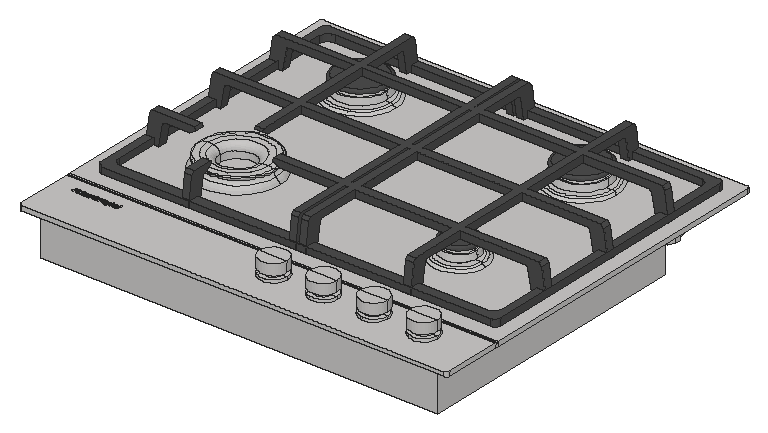
Revit family "CG604DX1 COOKTOP", category Generic Models, Revit 2013 (continued)
Automatic sketch dimensions
  Extrusion 3 sketch curve to Extrusion 3 sketch curve = 2.954 mm
  Extrusion 3 sketch curve to Extrusion 3 sketch curve = 1.935 mm
  Extrusion 3 sketch curve to Extrusion 3 sketch curve = 8.000 mm
  Extrusion 3 sketch curve to Extrusion 3 sketch curve = 1.148 mm
  Extrusion 3 sketch curve to Extrusion 3 sketch curve = 2.479 mm
  Extrusion 3 sketch curve to Extrusion 3 sketch curve = 7.528 mm
  Extrusion 3 sketch curve to Extrusion 3 sketch curve = 5.717 mm
  Extrusion 3 sketch curve to Extrusion 3 sketch curve = 4.283 mm
  Revolve 8 sketch curve to plane 10 = 0.000 mm
  Revolve 8 sketch curve to plane 3 "Center (Left/Right)" = 4.546 mm
  plane 16 to Revolve 8 sketch curve = 2.950 mm
  Revolve 8 sketch curve to plane 3 "Center (Left/Right)" = 4.134 mm
  Revolve 8 sketch curve to Revolve 8 sketch curve = 0.462 mm
  plane 3 "Center (Left/Right)" to Revolve 8 sketch curve = 3.158 mm
  Revolve 8 sketch curve to Revolve 8 sketch curve = 11.757 mm
  Revolve 8 sketch curve to Revolve 8 sketch curve = 0.000 mm  (x2)
  Revolve 8 sketch curve to plane 16 = 3.050 mm
  Revolve 8 sketch curve to Revolve 8 sketch curve = 14.100 mm
  Revolve 8 sketch curve to Revolve 8 sketch curve = 3.539 mm
  Revolve 9 sketch curve to plane 10 = 0.000 mm
  plane 3 "Center (Left/Right)" to Revolve 9 sketch curve = 65.454 mm
  plane 16 to Revolve 9 sketch curve = 2.950 mm
  Revolve 9 sketch curve to plane 16 = 3.050 mm
  Revolve 9 sketch curve to Revolve 9 sketch curve = 0.412 mm
  Revolve 9 sketch curve to Revolve 9 sketch curve = 0.462 mm
  Revolve 9 sketch curve to Revolve 9 sketch curve = 7.241 mm
  Revolve 9 sketch curve to Revolve 9 sketch curve = 11.757 mm
  Revolve 9 sketch curve to Revolve 9 sketch curve = 0.000 mm  (x2)
  Revolve 9 sketch curve to Revolve 9 sketch curve = 14.100 mm
  Revolve 9 sketch curve to Revolve 9 sketch curve = 3.539 mm
  Revolve 10 sketch curve to plane 10 = 0.000 mm
  plane 3 "Center (Left/Right)" to Revolve 10 sketch curve = 136.059 mm
  plane 16 to Revolve 10 sketch curve = 2.950 mm
  Revolve 10 sketch curve to plane 16 = 3.050 mm
  Revolve 10 sketch curve to Revolve 10 sketch curve = 0.412 mm
  Revolve 10 sketch curve to Revolve 10 sketch curve = 0.462 mm
  Revolve 10 sketch curve to Revolve 10 sketch curve = 7.241 mm
  Revolve 10 sketch curve to Revolve 10 sketch curve = 11.757 mm
  Revolve 10 sketch curve to Revolve 10 sketch curve = 0.000 mm  (x2)
  Revolve 10 sketch curve to Revolve 10 sketch curve = 14.100 mm
  Revolve 10 sketch curve to Revolve 10 sketch curve = 3.539 mm
  Revolve 11 sketch curve to plane 10 = 0.000 mm
  plane 13 to Revolve 11 sketch curve = 71.691 mm
  plane 16 to Revolve 11 sketch curve = 2.950 mm
  Revolve 11 sketch curve to plane 16 = 3.050 mm
  Revolve 11 sketch curve to Revolve 11 sketch curve = 0.412 mm
  Revolve 11 sketch curve to Revolve 11 sketch curve = 0.462 mm
  Revolve 11 sketch curve to Revolve 11 sketch curve = 7.241 mm
  Revolve 11 sketch curve to Revolve 11 sketch curve = 11.757 mm
  Revolve 11 sketch curve to Revolve 11 sketch curve = 0.000 mm  (x2)
  Revolve 11 sketch curve to Revolve 11 sketch curve = 14.100 mm
  Revolve 11 sketch curve to Revolve 11 sketch curve = 3.539 mm
  Revolve 12 sketch curve to plane 16 = 0.000 mm
  plane 12 to Revolve 12 sketch curve = 65.104 mm
  Revolve 12 sketch curve to plane 16 = 15.489 mm
  Revolve 12 sketch curve to Revolve 12 sketch curve = 6.507 mm
  Revolve 12 sketch curve to plane 16 = 18.385 mm
  Revolve 12 sketch curve to Revolve 12 sketch curve = 0.790 mm
  Revolve 12 sketch curve to Revolve 12 sketch curve = 1.985 mm
  Revolve 12 sketch curve to plane 16 = 18.705 mm
  Revolve 12 sketch curve to Revolve 12 sketch curve = 6.684 mm
  Revolve 12 sketch curve to Revolve 12 sketch curve = 42.470 mm
  Revolve 12 sketch curve to Revolve 12 sketch curve = 7.884 mm
  Revolve 12 sketch curve to Revolve 12 sketch curve = 1.214 mm  (x2)
  Revolve 12 sketch curve to Revolve 12 sketch curve = 0.000 mm  (x2)
  Revolve 12 sketch curve to Revolve 12 sketch curve = 0.956 mm
  Revolve 12 sketch curve to plane 10 = 1.112 mm
  Revolve 12 sketch curve to Revolve 12 sketch curve = 0.094 mm
  Revolve 12 sketch curve to Revolve 12 sketch curve = 5.975 mm
  Revolve 12 sketch curve to Revolve 12 sketch curve = 5.000 mm
  Extrusion 24 sketch curve to plane 11 = 0.000 mm
  Extrusion 24 sketch curve to plane 10 = 0.000 mm
  Extrusion 24 sketch curve to plane 6 = 0.500 mm
  plane 10 to Extrusion 24 sketch curve = 2.300 mm
  Extrusion 24 sketch curve to plane 7 = 1.800 mm
  plane 7 to Extrusion 24 sketch curve = 0.500 mm
  plane 10 to Extrusion 6 sketch curve = 0.000 mm  (x2)
  plane 9 to Extrusion 6 sketch curve = 22.500 mm
  Extrusion 6 sketch curve to plane 16 = 24.021 mm  (x2)
  plane 9 to Extrusion 6 sketch curve = 27.777 mm
  Extrusion 6 sketch curve to Extrusion 6 sketch curve = 3.868 mm  (x2)
  Extrusion 6 sketch curve to Extrusion 6 sketch curve = 19.111 mm
  Extrusion 6 sketch curve to Extrusion 6 sketch curve = 15.259 mm
  Extrusion 6 sketch curve to Extrusion 6 sketch curve = 2.954 mm  (x2)
  plane 14 to Extrusion 6 sketch curve = 12.897 mm
  plane 14 to Extrusion 6 sketch curve = 4.649 mm
  Extrusion 6 sketch curve to plane 14 = 4.354 mm
  Extrusion 6 sketch curve to plane 14 = 13.500 mm
  Extrusion 6 sketch curve to Extrusion 6 sketch curve = 2.479 mm
  Extrusion 6 sketch curve to Extrusion 6 sketch curve = 7.528 mm  (x2)
  Extrusion 6 sketch curve to Extrusion 6 sketch curve = 4.951 mm
  plane 10 to Extrusion 5 sketch curve = 0.000 mm  (x2)
  plane 9 to Extrusion 5 sketch curve = 22.500 mm
  Extrusion 5 sketch curve to plane 16 = 24.021 mm  (x2)
  plane 9 to Extrusion 5 sketch curve = 27.777 mm
  Extrusion 5 sketch curve to Extrusion 5 sketch curve = 3.868 mm  (x2)
  Extrusion 5 sketch curve to Extrusion 5 sketch curve = 19.111 mm
  Extrusion 5 sketch curve to Extrusion 5 sketch curve = 15.259 mm
  Extrusion 5 sketch curve to Extrusion 5 sketch curve = 2.954 mm  (x2)
  plane 14 to Extrusion 5 sketch curve = 12.897 mm
  plane 14 to Extrusion 5 sketch curve = 4.649 mm
  Extrusion 5 sketch curve to plane 14 = 4.354 mm
  Extrusion 5 sketch curve to plane 14 = 13.500 mm
  Extrusion 5 sketch curve to Extrusion 5 sketch curve = 2.479 mm
  Extrusion 5 sketch curve to Extrusion 5 sketch curve = 7.528 mm  (x2)
  Extrusion 5 sketch curve to Extrusion 5 sketch curve = 4.951 mm
  plane 10 to Extrusion 4 sketch curve = 0.000 mm
  plane 1 "Center (Front/Back)" to Extrusion 4 sketch curve = 25.670 mm
  plane 14 to Extrusion 4 sketch curve = 9.942 mm
  Extrusion 4 sketch curve to plane 16 = 24.021 mm
  Extrusion 4 sketch curve to Extrusion 4 sketch curve = 1.148 mm
  Extrusion 4 sketch curve to Extrusion 4 sketch curve = 9.148 mm
  Extrusion 4 sketch curve to Extrusion 4 sketch curve = 2.954 mm
  plane 14 to Extrusion 4 sketch curve = 4.649 mm
  Extrusion 4 sketch curve to plane 14 = 4.354 mm
  Extrusion 4 sketch curve to Extrusion 4 sketch curve = 3.868 mm
  Extrusion 4 sketch curve to plane 14 = 13.500 mm
  Extrusion 4 sketch curve to Extrusion 4 sketch curve = 2.479 mm
  Extrusion 4 sketch curve to Extrusion 4 sketch curve = 7.528 mm
  Extrusion 4 sketch curve to Extrusion 4 sketch curve = 5.717 mm
  Extrusion 4 sketch curve to Extrusion 4 sketch curve = 4.951 mm
  plane 9 to curve 3 = 27.777 mm
  curve 3 to plane 16 = 31.549 mm
  plane 10 to curve 3 = 0.000 mm
  plane 9 to curve 3 = 22.500 mm
  curve 4 to plane 16 = 4.515 mm
  curve 3 to curve 4 = 20.965 mm
  curve 4 to plane 16 = 15.514 mm
  curve 4 to curve 4 = 1.939 mm
  plane 10 to Extrusion 7 sketch curve = 0.000 mm  (x2)
  plane 9 to Extrusion 7 sketch curve = 22.500 mm
  plane 14 to Extrusion 7 sketch curve = 9.942 mm
  Extrusion 7 sketch curve to plane 16 = 24.021 mm  (x2)
  Extrusion 7 sketch curve to Extrusion 7 sketch curve = 3.868 mm  (x2)
  Extrusion 7 sketch curve to Extrusion 7 sketch curve = 19.111 mm
  Extrusion 7 sketch curve to Extrusion 7 sketch curve = 15.259 mm
  Extrusion 7 sketch curve to Extrusion 7 sketch curve = 2.954 mm  (x2)
  plane 14 to Extrusion 7 sketch curve = 4.649 mm
  Extrusion 7 sketch curve to plane 14 = 4.354 mm
  Extrusion 7 sketch curve to plane 14 = 13.500 mm
  Extrusion 7 sketch curve to Extrusion 7 sketch curve = 2.479 mm
  Extrusion 7 sketch curve to Extrusion 7 sketch curve = 7.528 mm  (x2)
  Extrusion 7 sketch curve to Extrusion 7 sketch curve = 4.951 mm
  plane 9 to Extrusion 7 sketch curve = 27.777 mm
  Extrusion 15 sketch curve to plane 10 = 0.000 mm
  Extrusion 15 sketch curve to plane 12 = 1.800 mm
  Extrusion 15 sketch curve to plane 16 = 24.021 mm
  plane 12 to Extrusion 15 sketch curve = 3.477 mm
  plane 12 to Extrusion 15 sketch curve = 17.229 mm
  Extrusion 15 sketch curve to Extrusion 15 sketch curve = 15.177 mm
  Extrusion 15 sketch curve to Extrusion 15 sketch curve = 2.954 mm
  Extrusion 15 sketch curve to Extrusion 15 sketch curve = 34.273 mm
  Extrusion 15 sketch curve to Extrusion 15 sketch curve = 8.000 mm
  Extrusion 15 sketch curve to plane 16 = 32.217 mm
  Extrusion 15 sketch curve to Extrusion 15 sketch curve = 1.148 mm
  Extrusion 15 sketch curve to Extrusion 15 sketch curve = 2.479 mm
  Extrusion 15 sketch curve to Extrusion 15 sketch curve = 4.951 mm
  plane 12 to Extrusion 15 sketch curve = 7.346 mm
  Extrusion 15 sketch curve to plane 16 = 31.549 mm
  Extrusion 16 sketch curve to plane 10 = 0.000 mm
  Extrusion 16 sketch curve to plane 16 = 32.217 mm
  Extrusion 16 sketch curve to plane 3 "Center (Left/Right)" = 101.148 mm
  Extrusion 16 sketch curve to plane 16 = 24.021 mm
  Extrusion 16 sketch curve to Extrusion 16 sketch curve = 1.148 mm
  Extrusion 16 sketch curve to Extrusion 16 sketch curve = 9.148 mm
  plane 13 to Extrusion 16 sketch curve = 24.477 mm
  Extrusion 16 sketch curve to Extrusion 16 sketch curve = 2.954 mm
  plane 13 to Extrusion 16 sketch curve = 16.229 mm
  plane 13 to Extrusion 16 sketch curve = 2.477 mm
  Extrusion 16 sketch curve to plane 13 = 2.800 mm
  Extrusion 16 sketch curve to Extrusion 16 sketch curve = 5.717 mm
  Extrusion 16 sketch curve to plane 16 = 31.549 mm
  Extrusion 16 sketch curve to plane 16 = 36.500 mm
  plane 13 to Extrusion 16 sketch curve = 6.346 mm
  radius of Extrusion 29 sketch curve = 7.950 mm
